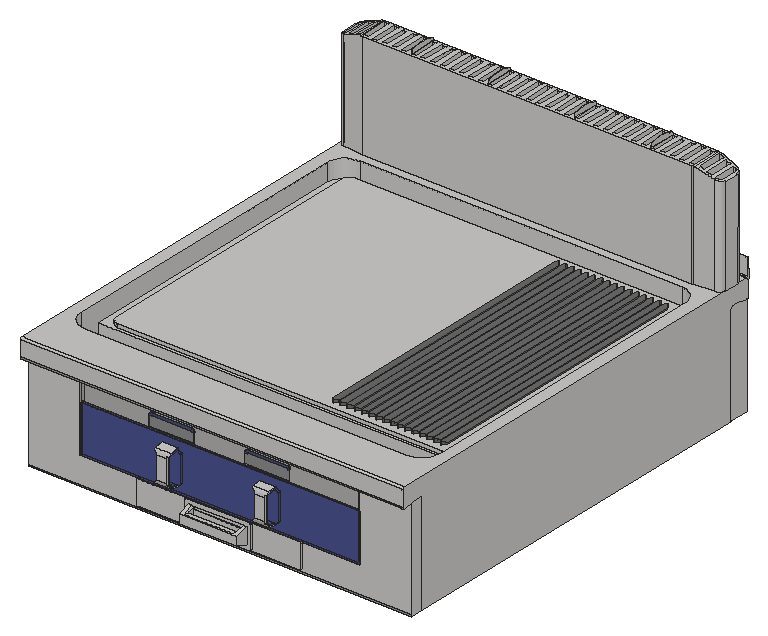
Revit family "QF_ELECTROLUXPROFESSIONAL_589111_MCHOABHOPO", category Specialty Equipment, Revit 2018 (continued)
Definition of nested family "GG_900_Backsplash for 800 fryer"
  Automatic sketch dimensions
    level to Extrusion 39 sketch curve = 1058.216 mm
    Extrusion 39 sketch curve to Extrusion 39 sketch curve = 49.354 mm
    Extrusion 39 sketch curve to Extrusion 39 sketch curve = 3.029 mm  (x2)
    Extrusion 39 sketch curve to Extrusion 39 sketch curve = 0.001 mm  (x4)
    Extrusion 39 sketch curve to Extrusion 39 sketch curve = 2.392 mm
    Extrusion 40 sketch curve to Extrusion 40 sketch curve = 0 mm  (x3)
    plane 4 to Extrusion 40 sketch curve = 152.48 mm
    Extrusion 40 sketch curve to Extrusion 40 sketch curve = 1 mm  (x2)
    Extrusion 40 sketch curve to Extrusion 40 sketch curve = 0.732 mm
    level to Extrusion 40 sketch curve = 1106.571 mm
    plane 6 to Extrusion 41 sketch curve = 26.484 mm
    Extrusion 41 sketch curve to Extrusion 41 sketch curve = 3.168 mm
    Extrusion 41 sketch curve to Extrusion 41 sketch curve = 0.003 mm
    Extrusion 41 sketch curve to Extrusion 41 sketch curve = 0.832 mm
    Extrusion 41 sketch curve to Extrusion 41 sketch curve = 11.257 mm
    Extrusion 41 sketch curve to Extrusion 41 sketch curve = 0 mm  (x2)
    Extrusion 41 sketch curve to plane 6 = 0.419 mm
    Extrusion 41 sketch curve to plane 6 = 12.894 mm
    Extrusion 41 sketch curve to Extrusion 41 sketch curve = 10.482 mm
    Extrusion 41 sketch curve to Extrusion 41 sketch curve = 0.775 mm
    Extrusion 41 sketch curve to Extrusion 41 sketch curve = 0.056 mm
    Extrusion 41 sketch curve to Extrusion 41 sketch curve = 4 mm
    level to Extrusion 41 sketch curve = 1058.216 mm
    Extrusion 41 sketch curve to Extrusion 41 sketch curve = 49.354 mm
    Extrusion 41 sketch curve to Extrusion 41 sketch curve = 3.029 mm  (x2)
    Extrusion 41 sketch curve to Extrusion 41 sketch curve = 0.001 mm  (x4)
    Extrusion 41 sketch curve to Extrusion 41 sketch curve = 2.392 mm
    Extrusion 42 sketch curve to Extrusion 42 sketch curve = 0 mm  (x3)
    Extrusion 42 sketch curve to plane 3 "Center (Left/Right)" = 87.373 mm
    Extrusion 42 sketch curve to Extrusion 42 sketch curve = 1 mm  (x2)
    Extrusion 42 sketch curve to Extrusion 42 sketch curve = 0.732 mm
    level to Extrusion 42 sketch curve = 1106.571 mm
    plane 6 to Extrusion 43 sketch curve = 26.484 mm
    Extrusion 43 sketch curve to Extrusion 43 sketch curve = 3.168 mm
    Extrusion 43 sketch curve to Extrusion 43 sketch curve = 0.003 mm
    Extrusion 43 sketch curve to Extrusion 43 sketch curve = 0.832 mm
    Extrusion 43 sketch curve to Extrusion 43 sketch curve = 11.257 mm
    Extrusion 43 sketch curve to Extrusion 43 sketch curve = 0 mm  (x2)
    Extrusion 43 sketch curve to plane 6 = 0.419 mm
    Extrusion 43 sketch curve to plane 6 = 12.894 mm
    Extrusion 43 sketch curve to Extrusion 43 sketch curve = 10.482 mm
    Extrusion 43 sketch curve to Extrusion 43 sketch curve = 0.775 mm
    Extrusion 43 sketch curve to Extrusion 43 sketch curve = 0.056 mm
    Extrusion 43 sketch curve to Extrusion 43 sketch curve = 4 mm
    level to Extrusion 43 sketch curve = 1058.216 mm
    Extrusion 43 sketch curve to Extrusion 43 sketch curve = 49.354 mm
    Extrusion 43 sketch curve to Extrusion 43 sketch curve = 3.029 mm  (x2)
    Extrusion 43 sketch curve to Extrusion 43 sketch curve = 0.001 mm  (x4)
    Extrusion 43 sketch curve to Extrusion 43 sketch curve = 2.392 mm
    Extrusion 44 sketch curve to Extrusion 44 sketch curve = 0 mm  (x3)
    Extrusion 44 sketch curve to plane 5 = 145 mm
    Extrusion 44 sketch curve to Extrusion 44 sketch curve = 1 mm  (x2)
    Extrusion 44 sketch curve to Extrusion 44 sketch curve = 0.732 mm
    level to Extrusion 44 sketch curve = 1107.571 mm
    plane 6 to Extrusion 45 sketch curve = 26.484 mm
    Extrusion 45 sketch curve to Extrusion 45 sketch curve = 3.168 mm
    Extrusion 45 sketch curve to Extrusion 45 sketch curve = 0.003 mm
    Extrusion 45 sketch curve to Extrusion 45 sketch curve = 0.832 mm
    Extrusion 45 sketch curve to Extrusion 45 sketch curve = 11.257 mm
    Extrusion 45 sketch curve to Extrusion 45 sketch curve = 0 mm  (x2)
    Extrusion 45 sketch curve to plane 6 = 0.419 mm
    Extrusion 45 sketch curve to plane 6 = 12.894 mm
    Extrusion 45 sketch curve to Extrusion 45 sketch curve = 10.482 mm
    Extrusion 45 sketch curve to Extrusion 45 sketch curve = 0.775 mm
    Extrusion 45 sketch curve to Extrusion 45 sketch curve = 0.056 mm
    Extrusion 45 sketch curve to Extrusion 45 sketch curve = 4 mm
    level to Extrusion 45 sketch curve = 1058.216 mm
    Extrusion 45 sketch curve to Extrusion 45 sketch curve = 49.354 mm
    Extrusion 45 sketch curve to Extrusion 45 sketch curve = 3.029 mm  (x2)
    Extrusion 45 sketch curve to Extrusion 45 sketch curve = 0.001 mm  (x4)
    Extrusion 45 sketch curve to Extrusion 45 sketch curve = 2.392 mm
    Extrusion 46 sketch curve to Extrusion 46 sketch curve = 0 mm  (x3)
    plane 3 "Center (Left/Right)" to Extrusion 46 sketch curve = 94.792 mm
    Extrusion 46 sketch curve to Extrusion 46 sketch curve = 1 mm  (x2)
    Extrusion 46 sketch curve to Extrusion 46 sketch curve = 0.732 mm
    level to Extrusion 46 sketch curve = 1107.571 mm
    curve 15 to plane 5 = 0 mm
    plane 6 to curve 6 = 32.954 mm
    curve 17 to plane 4 = 0 mm
    plane 4 to curve 16 = 0.886 mm
    plane 4 to curve 2 = 11.608 mm
    plane 4 to curve 7 = 11.608 mm
    curve 5 to curve 6 = 58.231 mm
    plane 1 "Center (Front/Back)" to curve 1 = 5.039 mm
    curve 3 to curve 1 = 58.231 mm
    curve 8 to plane 5 = 70.951 mm
    curve 1 to curve 6 = 0 mm
    curve 12 to plane 5 = 12.72 mm
    curve 8 to plane 5 = 12.72 mm
    curve 15 to plane 5 = 1.998 mm
    curve 14 to curve 9 = 1.998 mm
    plane 4 to curve 17 = 0.886 mm
    curve 3 to curve 3 = 11.746 mm
    curve 5 to curve 5 = 11.746 mm
    curve 11 to curve 11 = 11.746 mm
    curve 10 to curve 10 = 11.746 mm
    plane 6 to curve 7 = 27.86 mm
    plane 6 to curve 8 = 27.86 mm
    plane 6 to curve 15 = 15.407 mm
    curve 14 to plane 6 = 15.407 mm
    curve 4 to plane 6 = 15.407 mm
    plane 1 "Center (Front/Back)" to curve 2 = 10.134 mm
    plane 1 "Center (Front/Back)" to curve 12 = 10.134 mm
    plane 6 to curve 17 = 15.407 mm
Definition of nested family "GG_900_800 mm Half Grate"
  Parameters
    Length = 662 mm
    Array = Length / 15 mm  # 44
  Reference planes
    plane 1 "Center (Front/Back)": y = 0
    plane 2: z = 0
    plane 3 "Center (Left/Right)": x = 0
    plane 4: x = -355
    plane 5: x = 355
    plane 6: z = 900
    plane 7: z = 888
    plane 8: x = -331
    plane 9: x = 331
  Forms (mm)
    Extrusion 1, solid
      sketch origin (453.786, 467.26, 0) x (1, 0, 0) y (0, 1, 0)
        loop
          line (-808.786, -175.198) -> (-808.786, -760.472)
          arc (-808.786, -760.472) -> (-803.807, -772.493) -> (-791.786, -777.472) r 17
          line (-791.786, -777.472) -> (-116.936, -777.472)
          arc (-116.936, -777.472) -> (-104.102, -772.156) -> (-98.786, -759.322) r 18.15
          line (-98.786, -759.322) -> (-98.786, -175.198)
          arc (-98.786, -175.198) -> (-104.102, -162.364) -> (-116.936, -157.048) r 18.15
          line (-116.936, -157.048) -> (-790.636, -157.048)
          arc (-790.636, -157.048) -> (-803.47, -162.364) -> (-808.786, -175.198) r 18.15
      from 888 to 894.474
  Lines and regions (mm)
    symbolic lines
      curve 1: line (324.5, -295.767, 0) -> (318, -286.484, 0)
      curve 2: line (331, -286.484, 0) -> (324.5, -295.767, 0)
      curve 3: line (98.105, -295.767, 0) -> (91.605, -286.484, 0)
      curve 4: line (104.605, -286.484, 0) -> (98.105, -295.767, 0)
      curve 5: line (113.198, -295.767, 0) -> (106.698, -286.484, 0)
      curve 6: line (119.698, -286.484, 0) -> (113.198, -295.767, 0)
      curve 7: line (128.291, -295.767, 0) -> (121.791, -286.484, 0)
      curve 8: line (134.791, -286.484, 0) -> (128.291, -295.767, 0)
      curve 9: line (143.384, -295.767, 0) -> (136.884, -286.484, 0)
      curve 10: line (149.884, -286.484, 0) -> (143.384, -295.767, 0)
      curve 11: line (158.477, -295.767, 0) -> (151.977, -286.484, 0)
      curve 12: line (164.977, -286.484, 0) -> (158.477, -295.767, 0)
      curve 13: line (173.57, -295.767, 0) -> (167.07, -286.484, 0)
      curve 14: line (180.07, -286.484, 0) -> (173.57, -295.767, 0)
      curve 15: line (188.663, -295.767, 0) -> (182.163, -286.484, 0)
      curve 16: line (195.163, -286.484, 0) -> (188.663, -295.767, 0)
      curve 17: line (203.756, -295.767, 0) -> (197.256, -286.484, 0)
      curve 18: line (210.256, -286.484, 0) -> (203.756, -295.767, 0)
      curve 19: line (218.849, -295.767, 0) -> (212.349, -286.484, 0)
      curve 20: line (225.349, -286.484, 0) -> (218.849, -295.767, 0)
      curve 21: line (233.942, -295.767, 0) -> (227.442, -286.484, 0)
      curve 22: line (240.442, -286.484, 0) -> (233.942, -295.767, 0)
      curve 23: line (249.035, -295.767, 0) -> (242.535, -286.484, 0)
      curve 24: line (255.535, -286.484, 0) -> (249.035, -295.767, 0)
      curve 25: line (264.128, -295.767, 0) -> (257.628, -286.484, 0)
      curve 26: line (270.628, -286.484, 0) -> (264.128, -295.767, 0)
      curve 27: line (279.221, -295.767, 0) -> (272.721, -286.484, 0)
      curve 28: line (285.721, -286.484, 0) -> (279.221, -295.767, 0)
      curve 29: line (294.314, -295.767, 0) -> (287.814, -286.484, 0)
      curve 30: line (300.814, -286.484, 0) -> (294.314, -295.767, 0)
      curve 31: line (309.407, -295.767, 0) -> (302.907, -286.484, 0)
      curve 32: line (315.907, -286.484, 0) -> (309.407, -295.767, 0)
      curve 33: line (336.85, 310.212, 0) -> (-336.85, 310.212, 0)
      curve 34: arc (-336.85, 310.212, 0) -> (-349.684, 304.896, 0) -> (-355, 292.062, 0) r 18.15
      curve 35: line (-355, 292.062, 0) -> (-355, -293.212, 0)
      curve 36: arc (-355, -293.212, 0) -> (-350.021, -305.233, 0) -> (-338, -310.212, 0) r 17
      curve 37: line (-338, -310.212, 0) -> (336.85, -310.212, 0)
      curve 38: arc (336.85, -310.212, 0) -> (349.684, -304.896, 0) -> (355, -292.062, 0) r 18.15
      curve 39: line (355, -292.062, 0) -> (355, 292.062, 0)
      curve 40: arc (355, 292.062, 0) -> (349.684, 304.896, 0) -> (336.85, 310.212, 0) r 18.15
  Dimensions and locks
    plane 6 to level = 900 mm
    plane 6 to plane 7 = 12 mm
    locked: plane 9 to plane 5 at 24
    "Length": plane 8 to plane 9
    plane 4 to plane 5 = 710 mm
    plane 4 to plane 8 = 24 mm
    aligned and locked: Extrusion 1 to plane 7
    aligned and locked: plane 9 to nested 1
    aligned and locked: curve 34 to Extrusion 1
    aligned and locked: curve 38 to Extrusion 1
    aligned and locked: curve 40 to Extrusion 1
  Automatic sketch dimensions
    Extrusion 1 sketch curve to plane 4 = 0 mm
    Extrusion 1 sketch curve to plane 5 = 0 mm
    Extrusion 1 sketch curve to plane 8 = 7 mm
    Extrusion 1 sketch curve to plane 8 = 5.85 mm
    plane 9 to Extrusion 1 sketch curve = 5.85 mm  (x2)
    plane 1 "Center (Front/Back)" to Extrusion 1 sketch curve = 310.212 mm
    Extrusion 1 sketch curve to plane 1 "Center (Front/Back)" = 292.062 mm
    curve 36 to plane 8 = 7 mm
    curve 1 to curve 1 = 6.5 mm
    curve 1 to curve 1 = 9.283 mm
    curve 1 to curve 2 = 6.5 mm
    curve 1 to curve 2 = 9.283 mm
    curve 3 to curve 3 = 6.5 mm
    curve 3 to curve 3 = 9.283 mm
    curve 3 to curve 4 = 6.5 mm
    curve 3 to curve 4 = 9.283 mm
    curve 5 to curve 5 = 6.5 mm
    curve 5 to curve 5 = 9.283 mm
    curve 5 to curve 6 = 6.5 mm
    curve 5 to curve 6 = 9.283 mm
    curve 7 to curve 7 = 6.5 mm
    curve 7 to curve 7 = 9.283 mm
    curve 7 to curve 8 = 6.5 mm
    curve 7 to curve 8 = 9.283 mm
    curve 9 to curve 9 = 6.5 mm
    curve 9 to curve 9 = 9.283 mm
    curve 9 to curve 10 = 6.5 mm
    curve 9 to curve 10 = 9.283 mm
    curve 11 to curve 11 = 6.5 mm
    curve 11 to curve 11 = 9.283 mm
    curve 11 to curve 12 = 6.5 mm
    curve 11 to curve 12 = 9.283 mm
    curve 13 to curve 13 = 6.5 mm
    curve 13 to curve 13 = 9.283 mm
    curve 13 to curve 14 = 6.5 mm
    curve 13 to curve 14 = 9.283 mm
    curve 15 to curve 15 = 6.5 mm
    curve 15 to curve 15 = 9.283 mm
    curve 15 to curve 16 = 6.5 mm
    curve 15 to curve 16 = 9.283 mm
    curve 17 to curve 17 = 6.5 mm
    curve 17 to curve 17 = 9.283 mm
    curve 17 to curve 18 = 6.5 mm
    curve 17 to curve 18 = 9.283 mm
    curve 19 to curve 19 = 6.5 mm
    curve 19 to curve 19 = 9.283 mm
    curve 19 to curve 20 = 6.5 mm
    curve 19 to curve 20 = 9.283 mm
    curve 21 to curve 21 = 6.5 mm
    curve 21 to curve 21 = 9.283 mm
    curve 21 to curve 22 = 6.5 mm
    curve 21 to curve 22 = 9.283 mm
    curve 23 to curve 23 = 6.5 mm
    curve 23 to curve 23 = 9.283 mm
    curve 23 to curve 24 = 6.5 mm
    curve 23 to curve 24 = 9.283 mm
    curve 25 to curve 25 = 6.5 mm
    curve 25 to curve 25 = 9.283 mm
    curve 25 to curve 26 = 6.5 mm
    curve 25 to curve 26 = 9.283 mm
    curve 27 to curve 27 = 6.5 mm
    curve 27 to curve 27 = 9.283 mm
    curve 27 to curve 28 = 6.5 mm
    curve 27 to curve 28 = 9.283 mm
    curve 29 to curve 29 = 6.5 mm
    curve 29 to curve 29 = 9.283 mm
    curve 29 to curve 30 = 6.5 mm
    curve 29 to curve 30 = 9.283 mm
    curve 31 to curve 31 = 6.5 mm
    curve 31 to curve 31 = 9.283 mm
    curve 31 to curve 32 = 6.5 mm
    curve 31 to curve 32 = 9.283 mm
  Nested families
    nested 1: "Grate for Griddle" at (324.5, 0, 11.99), type "Grate for Griddle"
    nested 2: "Grate for Griddle" at (98.105, 0, 11.99), type "Grate for Griddle"
    nested 3: "Grate for Griddle" at (113.198, 0, 11.99), type "Grate for Griddle"
    nested 4: "Grate for Griddle" at (128.291, 0, 11.99), type "Grate for Griddle"
    nested 5: "Grate for Griddle" at (143.384, 0, 11.99), type "Grate for Griddle"
    nested 6: "Grate for Griddle" at (158.477, 0, 11.99), type "Grate for Griddle"
    nested 7: "Grate for Griddle" at (173.57, 0, 11.99), type "Grate for Griddle"
    nested 8: "Grate for Griddle" at (188.663, 0, 11.99), type "Grate for Griddle"
    nested 9: "Grate for Griddle" at (203.756, 0, 11.99), type "Grate for Griddle"
    nested 10: "Grate for Griddle" at (218.849, 0, 11.99), type "Grate for Griddle"
    nested 11: "Grate for Griddle" at (233.942, 0, 11.99), type "Grate for Griddle"
    nested 12: "Grate for Griddle" at (249.035, 0, 11.99), type "Grate for Griddle"
    nested 13: "Grate for Griddle" at (264.128, 0, 11.99), type "Grate for Griddle"
    nested 14: "Grate for Griddle" at (279.221, 0, 11.99), type "Grate for Griddle"
    nested 15: "Grate for Griddle" at (294.314, 0, 11.99), type "Grate for Griddle"
    nested 16: "Grate for Griddle" at (309.407, 0, 11.99), type "Grate for Griddle"
  Definition of nested family "Grate for Griddle"
    Reference planes
      plane 1 "Center (Front/Back)": y = 0
      plane 2: z = 0
      plane 3 "Center (Left/Right)": x = 0
      plane 4: x = -5.214
      plane 5: x = 7.786
      plane 6: y = 294
      plane 7: y = -294
    Forms (mm)
      Extrusion 1, solid
        sketch origin (1322.686, 294, -6.066) x (1, 0, 0) y (0, 0, 1)
          loop
            line (-1316.186, 888.55) -> (-1316.186, 890.55)
            arc (-1316.186, 890.55) -> (-1322.686, 894.177) -> (-1329.186, 890.55) r 7.638
            line (-1329.186, 890.55) -> (-1329.186, 888.55) -> (-1316.186, 888.55)
        from 0 to 588
      Extrusion 2, void
        sketch origin (0, 0, 0) x (1, 0, 0) y (0, 1, 0)
          loop
            line (-1.237, 294) -> (-6.5, 294) -> (-6.5, 286.484) -> (-1.237, 294)
          loop
            line (1.237, 294) -> (6.5, 286.484) -> (6.5, 294) -> (1.237, 294)
          loop
            line (-1.237, -294) -> (-6.5, -286.484) -> (-6.5, -294) -> (-1.237, -294)
          loop
            line (1.237, -294) -> (6.5, -294) -> (6.5, -286.484) -> (1.237, -294)
        from 878.991 to 892.372
    Cuts and joins
      Extrusion 2 cuts Extrusion 1
    Lines and regions (mm)
      symbolic lines
        curve 1: line (6.5, -286.484, 0) -> (6.5, 286.484, 0)
        curve 2: line (6.5, -286.484, 0) -> (1.237, -294, 0)
        curve 3: line (-1.237, -294, 0) -> (-6.5, -286.484, 0)
        curve 4: line (-6.5, 286.484, 0) -> (-6.5, -286.484, 0)
        curve 5: line (-6.5, 286.484, 0) -> (-1.237, 294, 0)
        curve 6: line (1.237, 294, 0) -> (6.5, 286.484, 0)
    Dimensions and locks
      plane 6 to plane 7 = 588 mm
      aligned and locked: Extrusion 1 to plane 7
      aligned and locked: plane 6 to Extrusion 1
      aligned and locked: curve 1 to cut or joined group of Extrusion 1, Extrusion 2
      aligned and locked: curve 2 to cut or joined group of Extrusion 1, Extrusion 2
      aligned and locked: curve 3 to cut or joined group of Extrusion 1, Extrusion 2
      aligned and locked: curve 4 to cut or joined group of Extrusion 1, Extrusion 2
      aligned and locked: curve 5 to cut or joined group of Extrusion 1, Extrusion 2
      aligned and locked: curve 6 to cut or joined group of Extrusion 1, Extrusion 2
